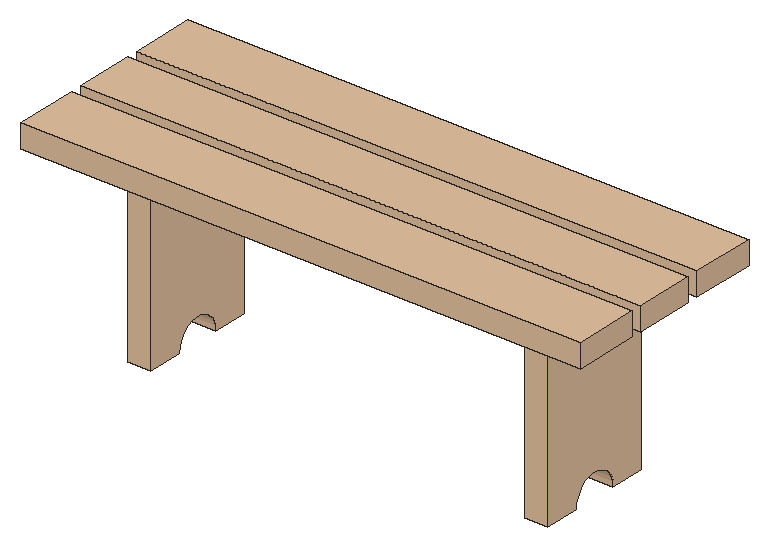
Revit family
Parameters (values of type "1220 x 457 x 457mm")
  Material Bench = Wood - Cherry
  Keynote = "N"
  Depth = 457.00 mm
  Height = 457.00 mm
  Width = 1220.00 mm
  Assembly Code = ""
Types (3, lengths in mm): name | Keynote | Height | Width
  1220 x 457 x 356mm | "" | 356.00 | 1220.00
  1220 x 457 x 457mm | "N" | 457.00 | 1220.00
  1525 x 457 x 457mm | "" | 457.00 | 1525.00
Reference planes
  plane 1 "Center (Front/Back)": y = -180.715
  plane 2: z = 0
  plane 3 "Center (Left/Right)": x = -155.315
  plane 4: y = 47.785
  plane 5: y = -409.215
  plane 6: x = 454.685
  plane 7: x = -765.315
  plane 8: y = -53.815
  plane 9: y = -307.615
  plane 10: y = -307.615
  plane 11: y = -53.815
  plane 12: y = -104.548
  plane 13: y = -256.881
Forms (mm)
  Extrusion 1, solid, material "Wood - Cherry" <- "Material Bench"
    sketch origin (0, 0, 0) x (1, 0, 0) y (0, 1, 0)
      loop
        line (-765.315, 47.785) -> (-765.315, -91.848) -> (454.685, -91.848) -> (454.685, 47.785) -> (-765.315, 47.785)
      loop
        line (-765.315, -409.215) -> (454.685, -409.215) -> (454.685, -269.581) -> (-765.315, -269.581) -> (-765.315, -409.215)
      loop
        line (-765.315, -117.248) -> (-765.315, -244.181) -> (454.685, -244.181) -> (454.685, -117.248) -> (-765.315, -117.248)
    from 406.2 to 457
  Extrusion 2, solid, material "Wood - Cherry" <- "Material Bench"
    sketch origin (-765.315, 47.785, 457) x (0, 0, -1) y (0, -1, 0)
      loop
        line (50.8, 101.6) -> (457, 101.6) -> (457, 177.8)
        arc (457, 177.8) -> (406.3, 228.5) -> (457, 279.2) r 50.7
        line (457, 279.2) -> (457, 355.4) -> (50.8, 355.4) -> (50.8, 101.6)
    from -152.4 to -203.2
  Extrusion 3, solid, material "Wood - Cherry" <- "Material Bench"
    sketch origin (454.685, -91.848, 457) x (0, 0, -1) y (0, 1, 0)
      loop
        line (50.8, -215.767) -> (457, -215.767) -> (457, -139.567)
        arc (457, -139.567) -> (406.3, -88.867) -> (457, -38.167) r 50.7
        line (457, -38.167) -> (457, 38.033) -> (50.8, 38.033) -> (50.8, -215.767)
    from -152.4 to -203.2
Lines and regions (mm)
  Masking region 1
    outline origin (0, 0, 0) x (1, 0, 0) y (0, 1, 0)
      loop
        line (-765.315, 47.785) -> (-765.315, -409.215) -> (454.685, -409.215) -> (454.685, 47.785) -> (-765.315, 47.785)
  symbolic lines
    curve 1: line (-765.315, 47.785, 0) -> (454.685, 47.785, 0)
    curve 2: line (-765.315, 47.785, 0) -> (-765.315, -409.215, 0)
    curve 3: line (-765.315, -409.215, 0) -> (454.685, -409.215, 0)
    curve 4: line (454.685, 47.785, 0) -> (454.685, -409.215, 0)
Dimensions and locks
  equal spacing: plane 7, plane 3 "Center (Left/Right)", plane 6
  equal spacing: plane 5, plane 1 "Center (Front/Back)", plane 4
  "Width": plane 7 to plane 6
  "Depth": plane 5 to plane 4
  "Height": Extrusion 1 to plane 2
  locked: Extrusion 1 to Extrusion 1 at 50.8
  locked: plane 4 to plane 8 at 101.6
  locked: plane 9 to plane 5 at 101.6
  locked: plane 5 to plane 10 at 101.6
  locked: plane 11 to plane 4 at 101.6
  equal spacing: plane 5, plane 13, plane 12, plane 4
  Extrusion 1 sketch curve to plane 12 to Extrusion 1 sketch curve = 12.70 mm, 12.70 mm
  Extrusion 1 sketch curve to plane 13 to Extrusion 1 sketch curve = 12.70 mm, 12.70 mm
  aligned and locked: plane 9 to Extrusion 2 sketch curve
  aligned and locked: Extrusion 2 sketch curve to Extrusion 1
  aligned and locked: plane 10 to Extrusion 3 sketch curve
  aligned and locked: plane 11 to Extrusion 3 sketch curve
  aligned and locked: Extrusion 3 sketch curve to Extrusion 1
  aligned: Masking region 1 sketch curve to curve 2
  aligned: Masking region 1 sketch curve to curve 1
  aligned: curve 3 to Masking region 1 sketch curve
  aligned: Masking region 1 sketch curve to curve 4
Automatic sketch dimensions
  curve 3 to plane 5 = 0.00 mm
  curve 3 to plane 7 = 0.00 mm
  curve 3 to plane 6 = 0.00 mm
  curve 2 to plane 4 = 0.00 mm
  Extrusion 2 sketch curve to plane 8 = 0.00 mm
  Extrusion 2 sketch curve to level = 0.00 mm
  Extrusion 2 sketch curve to plane 1 "Center (Front/Back)" = 0.00 mm
  Extrusion 2 sketch curve to Extrusion 2 sketch curve = 76.20 mm
  Extrusion 3 sketch curve to level = 0.00 mm
  Extrusion 3 sketch curve to plane 1 "Center (Front/Back)" = 0.00 mm
  Extrusion 3 sketch curve to Extrusion 3 sketch curve = 76.20 mm
  Extrusion 1 sketch curve to plane 7 = 0.00 mm  (x3)
  Extrusion 1 sketch curve to plane 6 = 0.00 mm  (x3)
  Extrusion 1 sketch curve to plane 5 = 0.00 mm
  Extrusion 1 sketch curve to plane 4 = 0.00 mm
  Masking region 1 sketch curve to plane 5 = 0.00 mm
  Masking region 1 sketch curve to plane 7 = 0.00 mm
  Masking region 1 sketch curve to plane 6 = 0.00 mm
  Masking region 1 sketch curve to plane 4 = 0.00 mm
